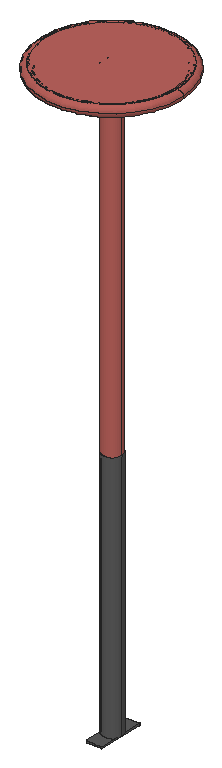
Revit family "product code 61409-F", category Meble, Revit 2021
Family settings
  Numer OmniClass = 23.40.20.00
  Tytuł OmniClass = General Furniture and Specialties
  Oparty na płaszczyźnie roboczej = Nie
  Zawsze pionowo = Tak
  Tnij formami wycięć po wczytaniu = Nie
  Współdzielony = Nie
  Punkt obliczania pomieszczeń = Nie
Parameters (values of type "Sydhaven")
  metal = Kobenhagen RAL 3000
  Width = "45 cm"
  Weight = "15 kg"
  URL = "https://kobenhagen.com/en_US/p/Sydhavn-Bar-Table-110-cm/240"
  Product Line = "Sydhavn"
  Product Groups = "Stools"
  Producent = "Lars Laj"
  Keynote = ""
  Opis = "61409-F\r\nSydhavn\r\nSydhavn Bar Table 110 cm"
  Model = "61409-F"
  Material = "Powder coated steel"
  Maintenance = "We recommend to examine and tighten all screws and bolt clamps after a few weeks’ use. In order to prevent cracks and to extend the life of the wood, it is recommended that the wood details should be oiled every 3-5 years."
  Lenght = "45 cm"
  Type Comments = ""
  Kobenhagen Materials = "larslaj.com/bim"
  Hosted on larslaj.com = "https://larslaj.com/bim"
  Height = "110 cm"
  Domyślna rzędna = 0 mm
  Copyright = "All designs and drawings are the intellectual property of Lars Laj A/S and are protected by Danish and international copyright laws."
Reference planes
  plane 1: z = 0
  plane 2 "Środek (Lewa/Prawa)": x = 0
  plane 3 "Góra": z = 1062.347
  plane 4 "Środek": y = 257.204
Forms (mm)
  Extrusion 1, solid, material "Kobenhagen RAL 3000" <- "metal", not visible
    sketch origin (0, 0, 0) x (0, 1, 0) y (0, 0, 1)
      loop
        arc (71.187, 451.5) -> (57.045, 445.642) -> (51.187, 431.5) r 20
        line (51.187, 431.5) -> (51.187, 18.231)
        arc (51.187, 18.231) -> (56.527, 5.34) -> (69.418, 0) r 18.231
        line (69.418, 0) -> (153.638, 0) -> (153.638, 15) -> (448.638, 15) -> (448.638, 0) -> (527.023, 0)
        arc (527.023, 0) -> (542.307, 6.331) -> (548.638, 21.615) r 21.615
        line (548.638, 21.615) -> (548.638, 429.407)
        arc (548.638, 429.407) -> (542.168, 445.029) -> (526.545, 451.5) r 22.093
        line (526.545, 451.5) -> (71.187, 451.5)
    from 750.378 to 745
  Extrusion 2, solid, material "Kobenhagen RAL 3000" <- "metal", not visible
    sketch origin (0, 0, 0) x (0, 1, 0) y (0, 0, 1)
      loop
        line (548.638, 396.844) -> (629.375, 854.725) -> (601.836, 859.581)
        arc (601.836, 859.581) -> (585.224, 855.898) -> (576.082, 841.547) r 22.232
        line (576.082, 841.547) -> (507.306, 451.5) -> (526.545, 451.5)
        arc (526.545, 451.5) -> (542.168, 445.029) -> (548.638, 429.407) r 22.093
        line (548.638, 429.407) -> (548.638, 396.844)
    from 745 to 750.378
  Extrusion 3, solid, material "Kobenhagen RAL 3000" <- "metal"
    sketch origin (396.607, -18.452, 868.765) x (0, -1, 0) y (1, 0, 0)
      loop
        circle (-275.327, -399.004) r 30.15
      loop
        circle (-275.327, -399.004) r 28.15
    from 197.485 to -868.765
  Extrusion 4, solid, material "Painted Black"
    sketch origin (695.879, -21.874, 0) x (1, 0, 0) y (0, 1, 0)
      loop
        line (-722.97, 354.396) -> (-722.97, 210.396)
        arc (-722.97, 210.396) -> (-722.091, 208.274) -> (-719.97, 207.396) r 3
        line (-719.97, 207.396) -> (-675.97, 207.396)
        arc (-675.97, 207.396) -> (-673.849, 208.274) -> (-672.97, 210.396) r 3
        line (-672.97, 210.396) -> (-672.97, 354.396)
        arc (-672.97, 354.396) -> (-673.849, 356.517) -> (-675.97, 357.396) r 3
        line (-675.97, 357.396) -> (-719.97, 357.396)
        arc (-719.97, 357.396) -> (-722.091, 356.517) -> (-722.97, 354.396) r 3
    from -800 to -795
  Extrusion 5, solid, material "Painted Black"
    sketch origin (396.607, -17.202, 868.765) x (1, 0, 0) y (0, 1, 0)
      loop
        circle (-399.004, 275.327) r 30.15
      loop
        circle (-399.004, 275.327) r 28.15
    from -868.765 to -1663.765
  Extrusion 6, solid, material "Kobenhagen RAL 3000" <- "metal"
    sketch origin (581.466, 257.204, 649.062) x (-1, 0, 0) y (0, 0, 1)
      loop
        line (608.966, 447.188) -> (558.966, 447.188) -> (558.966, 417.188) -> (608.966, 417.188) -> (608.966, 447.188)
      loop
        line (606.966, 445.188) -> (560.966, 445.188) -> (560.966, 419.188) -> (606.966, 419.188) -> (606.966, 445.188)
    from -194.556 to 188.044
  Extrusion 7, solid, material "Kobenhagen RAL 5012", not visible
    sketch origin (-110.268, -19.702, 0) x (0, -1, 0) y (1, 0, 0)
      loop
        circle (-275.327, -399.004) r 30.15
      loop
        circle (-275.327, -399.004) r 28.15
    from 444.1 to 0
  Extrusion 8, solid, material "Kobenhagen RAL 5012", not visible
    sketch origin (239.004, -16.847, 0) x (1, 0, 0) y (0, 1, 0)
      loop
        line (-699.004, 325.327) -> (-799.004, 325.327) -> (-799.004, 225.327) -> (-699.004, 225.327) -> (-699.004, 325.327)
    from 447.05 to 443.488
  Extrusion 9, solid, material "Painted Black", not visible
    sketch origin (189.004, -23.124, 0) x (1, 0, 0) y (0, 1, 0)
      loop
        line (-722.97, 354.396) -> (-722.97, 210.396)
        arc (-722.97, 210.396) -> (-722.091, 208.274) -> (-719.97, 207.396) r 3
        line (-719.97, 207.396) -> (-675.97, 207.396)
        arc (-675.97, 207.396) -> (-673.849, 208.274) -> (-672.97, 210.396) r 3
        line (-672.97, 210.396) -> (-672.97, 354.396)
        arc (-672.97, 354.396) -> (-673.849, 356.517) -> (-675.97, 357.396) r 3
        line (-675.97, 357.396) -> (-719.97, 357.396)
        arc (-719.97, 357.396) -> (-722.091, 356.517) -> (-722.97, 354.396) r 3
    from -800 to -795
  Extrusion 10, solid, material "Painted Black", not visible
    sketch origin (-110.268, -18.452, 0) x (1, 0, 0) y (0, 1, 0)
      loop
        circle (-399.004, 275.327) r 30.15
      loop
        circle (-399.004, 275.327) r 28.15
    from 0 to -795
  Extrusion 11, solid, material "Kobenhagen RAL 3000" <- "metal"
    sketch origin (-5.756, 837.913, 649.062) x (0, -1, 0) y (0, 0, 1)
      loop
        line (608.966, 447.188) -> (558.966, 447.188) -> (558.966, 417.188) -> (608.966, 417.188) -> (608.966, 447.188)
      loop
        line (606.966, 445.188) -> (560.966, 445.188) -> (560.966, 419.188) -> (606.966, 419.188) -> (606.966, 445.188)
    from 21.334 to 188.044
  Extrusion 12, solid, material "Kobenhagen RAL 3000" <- "metal"
    sketch origin (5.756, 837.913, 649.062) x (0, -1, 0) y (0, 0, -1)
      loop
        line (608.966, -447.188) -> (608.966, -417.188) -> (558.966, -417.188) -> (558.966, -447.188) -> (608.966, -447.188)
      loop
        line (606.966, -445.188) -> (606.966, -419.188) -> (560.966, -419.188) -> (560.966, -445.188) -> (606.966, -445.188)
    from 14.744 to 183.098
  Extrusion 13, solid, material "Kobenhagen RAL 3000" <- "metal"
    sketch origin (0, 0, 450) x (1, 0, 0) y (0, 1, 0)
      loop
        circle (-3.097, 254.602) r 208.823
    from 647 to 650
  Sweep 14, solid, material "Kobenhagen RAL 3000" <- "metal"
    path origin (0, 0, 0) x (1, 0, 0) y (0, 1, 0)
      loop
        circle (-3.097, 254.602) r 208.823
    profile origin (-3.097, 45.779, 0) x (0, 1, 0) y (0, 0, 1)
      loop
        circle (0, 1083.096) r 16.868
      loop
        circle (0.117, 1083.18) r 15.694
Dimensions and locks
  aligned and locked: level to plane 1
